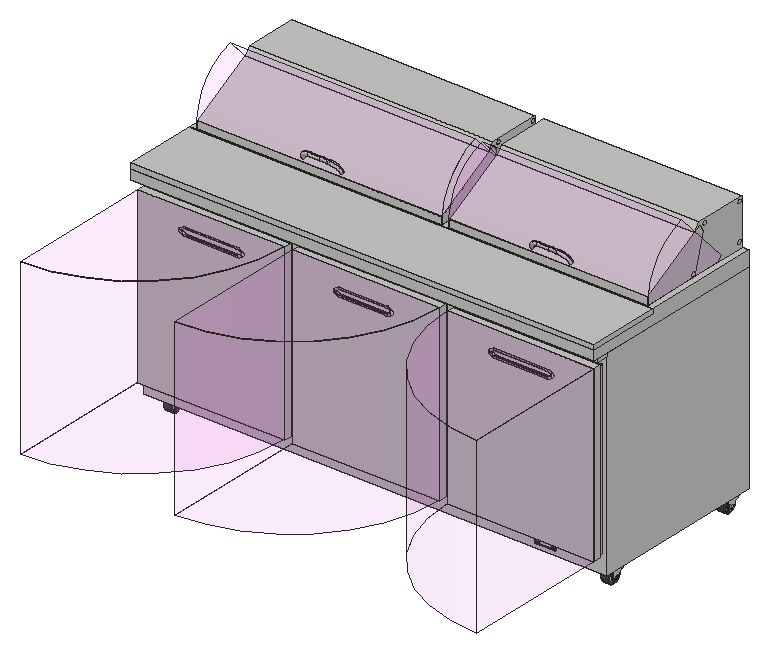
Revit family "QF_Kelvinator_738258_KCHST70.18_3-Door_Sandwich_Salad_Prep_Table_70_Long", category Specialty Equipment, Revit 2021
Family settings
  Round Connector Dimension = Use Diameter
  Part Type = Normal
  Work Plane-Based = No
  Always vertical = Yes
  Cut with Voids When Loaded = No
  Shared = No
  Room Calculation Point = No
Parameters
  Weight in Pounds = 286.601
  Watts = 700 W
  Volts = 115 V
  URL Cutsheet = ""
  Specification by User = ""
  Specification by Manufacturer = ""
  Serial Number = ""
  Seismic Rating = ""
  SMACNA No = ""
  Revision Code = ""
  Refrigerant Type = "R290"
  Phase = 1
  Number of Poles = 1
  NAFEM Spec ID Number = ""
  Model = "738258 (KCHST70.18)"
  Min Ckt Ampacity = 0 A
  Max Overcurrent Protection = 0 A
  Masterspec = ""
  Manufacturer = "Kelvinator Commercial"
  Length = 71.732"
  Item Number = "738258"
  Installed By = ""
  Identify Quantity as Lot = yes
  Height = 43.307"
  HP = "1/3"
  Furnished By = ""
  Foodservice Equipment Identifier = yes
  FL Amps = 4.3 A
  Electrical Remarks = ""
  Electric Connection Type = ""
  Elec Conn RI Height = 0.000"
  Elec Conn Connection Height = 0.000"
  Description = "3-Door Sandwich/Salad Prep Table 70\" Long"
  Depth = 29.921"
  Default Elevation = 0.000"
  Cycle = 60 Hz
  Conn Plug = "5-15P"
  Conn Conduit = yes
  CSI MasterFormat = ""
  Apparent Power = 0 VA
Reference planes (in)
  plane 1 "BACK": y = 0
  plane 2: z = 0
  plane 3 "LEFT": x = 0
  plane 4 "RIGHT": x = 71.732
  plane 5 "FRONT": y = -29.921
  plane 6 "TOP": z = 43.307
  plane 7 "Center Y": x = 35.866
  plane 8 "Center X": y = -14.9605
Dimensions and locks (in)
  equal spacing: plane 3 "LEFT", plane 7 "Center Y", plane 4 "RIGHT"
  "Length": plane 3 "LEFT" to plane 4 "RIGHT"
  equal spacing: plane 5 "FRONT", plane 8 "Center X", plane 1 "BACK"
  "Depth": plane 5 "FRONT" to plane 1 "BACK"
  "Height": plane 6 "TOP" to level
  aligned and locked: level to plane 2
Nested families (in)
  nested 1: "KCHST" at (0, 0, 0), type "KCHST"
    with Show Clearance yes
Connectors (in)
  electrical at (35.857, -0.87772, 2.31881), driven by "Volts", driven by "Watts"
    settings: on nested 1, index 1, voltage 115 V, apparent load 700 VA, apparent load phase1 0 VA, apparent load phase2 0 VA, apparent load phase3 0 VA, power factor 1, load classification "Power", number of poles 1, system type 30, power factor state 1, is connector primary yes, connector utility no, sub classification motor no, connector description "Electrical Connection"
Definition of nested family "KCHST"
  Parameters (values of type "KCHST")
    Weight in Pounds = 0
    URL Cutsheet = ""
    Specification by User = ""
    Specification by Manufacturer = ""
    Show Clearance [instance] = yes
    Serial Number = ""
    Seismic Rating = ""
    SMACNA No = ""
    Revision Code = ""
    NAFEM Spec ID Number = ""
    Masterspec = ""
    Length = 71.732"
    Item Number = ""
    Installed By = ""
    Identify Quantity as Lot = yes
    Height = 43.307"
    Furnished By = ""
    Foodservice Equipment Identifier = yes
    Depth = 29.921"
    Default Elevation = 0.000"
    CSI MasterFormat = ""
  Reference planes (in)
    plane 1 "BACK": y = 0
    plane 2: z = 0
    plane 3 "LEFT": x = 0
    plane 4 "RIGHT": x = 71.732
    plane 5 "FRONT": y = -29.921
    plane 6 "TOP": z = 43.307
    plane 7 "Center Y": x = 35.866
    plane 8 "Center X": y = -14.9605
    plane 9: z = 3.1
    plane 10: z = 33.9
    plane 11: y = -18.5
    plane 12: z = 36.2
    plane 13: y = -55.93472
    plane 14: y = -29.2
    plane 15: z = 32.4
    plane 16: z = 5.6
    plane 17: y = -27.5
    plane 18: x = 69.732
    plane 19: x = 2
    plane 20: x = 59.87895
    plane 21: x = 38.8
    plane 22: x = 1
    plane 23: x = 0.5
    plane 24: x = 71.232
    plane 25: x = 11.87105
    plane 26: x = 35.87895
    plane 27: x = 70.75
    plane 28: x = 40.12
    plane 29: x = 70.68
    plane 30: x = 55.4
    plane 31: x = 40.05
    plane 32: x = 1.07
    plane 33: x = 38.73
    plane 34: x = 0.875
    plane 35: x = 38.925
    plane 36: x = 39.925
    plane 37: x = 70.875
  Forms (in)
    Extrusion 1, solid
      sketch origin (0, 0, 0) x (0, 1, 0) y (0, 0, 1)
        loop
          line (-27.5, 33.9) -> (-27.5, 3.1) -> (0, 3.1) -> (0, 33.9) -> (-27.5, 33.9)
      from 0 to 71.732
    Extrusion 2, solid
      sketch origin (0, 0, 0) x (0, 1, 0) y (0, 0, 1)
        loop
          line (-18.5, 36.2) -> (-18.5, 35.45) -> (-29.921, 35.45) -> (-29.921, 33.9) -> (0, 33.9) -> (0, 36.2) -> (-18.5, 36.2)
      from 0 to 71.732
    Extrusion 3, solid
      sketch origin (0, 0, 0) x (0, 1, 0) y (0, 0, 1)
        loop
          line (-29.921, 36.2) -> (-29.921, 35.45) -> (-18.5, 35.45) -> (-18.5, 36.2) -> (-29.921, 36.2)
      from 0 to 71.732
    Extrusion 4, solid
      sketch origin (0, 0, 0) x (0, 1, 0) y (0, 0, 1)
        loop
          line (-29.2, 33.9) -> (-29.2, 33.4) -> (-27.5, 33.4) -> (-27.5, 33.9) -> (-29.2, 33.9)
      from 0 to 71.732
    Extrusion 5, solid
      sketch origin (-5.72957, -27.5, -4.77927) x (-1, 0, 0) y (0, 0, 1)
        loop
          line (-66.49177, 9.70772) -> (-69.64138, 9.70772) -> (-69.64138, 8.52662) -> (-66.49177, 8.52662) -> (-66.49177, 9.70772)
        loop
          line (-66.57052, 9.63107) -> (-66.96422, 9.63107) -> (-66.96422, 9.31193) -> (-66.57052, 9.31193) -> (-66.57052, 9.63107)
        loop
          line (-66.57052, 9.27674) -> (-66.96422, 9.27674) -> (-66.96422, 8.9576) -> (-66.57052, 8.9576) -> (-66.57052, 9.27674)
        loop
          line (-66.57052, 8.92241) -> (-66.96422, 8.92241) -> (-66.96422, 8.60327) -> (-66.57052, 8.60327) -> (-66.57052, 8.92241)
        loop
          line (-69.56264, 9.63107) -> (-69.56264, 9.31193) -> (-69.16894, 9.31193) -> (-69.16894, 9.63107) -> (-69.56264, 9.63107)
        loop
          line (-69.56264, 9.27674) -> (-69.56264, 8.9576) -> (-69.16894, 8.9576) -> (-69.16894, 9.27674) -> (-69.56264, 9.27674)
        loop
          line (-69.56264, 8.92241) -> (-69.56264, 8.60327) -> (-69.16894, 8.60327) -> (-69.16894, 8.92241) -> (-69.56264, 8.92241)
        loop
          line (-67.0417, 9.63107) -> (-69.09146, 9.63107) -> (-69.09146, 8.60716) -> (-67.0417, 8.60716) -> (-67.0417, 9.63107)
      from 0.07874 to -0.04602
    Extrusion 6, solid
      sketch origin (-5.72957, -27.54602, -4.77927) x (1, 0, 0) y (0, 0, 1)
        loop
          line (69.16894, 9.63107) -> (69.16894, 9.31193) -> (69.56264, 9.31193) -> (69.56264, 9.63107) -> (69.16894, 9.63107)
        loop
          line (69.16894, 9.27674) -> (69.16894, 8.9576) -> (69.56264, 8.9576) -> (69.56264, 9.27674) -> (69.16894, 9.27674)
        loop
          line (69.16894, 8.92241) -> (69.16894, 8.60327) -> (69.56264, 8.60327) -> (69.56264, 8.92241) -> (69.16894, 8.92241)
        loop
          line (66.96422, 9.63107) -> (66.57052, 9.63107) -> (66.57052, 9.31193) -> (66.96422, 9.31193) -> (66.96422, 9.63107)
        loop
          line (66.96422, 9.27674) -> (66.57052, 9.27674) -> (66.57052, 8.9576) -> (66.96422, 8.9576) -> (66.96422, 9.27674)
        loop
          line (66.96422, 8.92241) -> (66.57052, 8.92241) -> (66.57052, 8.60327) -> (66.96422, 8.60327) -> (66.96422, 8.92241)
      from 0 to -0.07874
    Extrusion 7, solid
      sketch origin (-5.72957, -27.54602, -4.77927) x (1, 0, 0) y (0, 0, 1)
        loop
          line (67.0417, 9.63107) -> (67.0417, 8.60716) -> (69.09146, 8.60716) -> (69.09146, 9.63107) -> (67.0417, 9.63107)
      from 0 to -0.07874
    Extrusion 8, void
      sketch origin (-5.72957, -27.5, -4.77927) x (-1, 0, 0) y (0, 0, 1)
        loop
          line (-66.49177, 9.70772) -> (-69.64138, 9.70772) -> (-69.64138, 8.52662) -> (-66.49177, 8.52662) -> (-66.49177, 9.70772)
      from 0 to 0.07874
    Extrusion 9, solid
      sketch origin (-21.40625, -3.56521, 3.1) x (-1, 0, 0) y (0, 1, 0)
        loop
          circle (-57.26325, 2.68749) r 0.25
      from 0 to 0.78119
    Extrusion 10, solid
      sketch origin (35.866, 6.90541, 48) x (0, 1, 0) y (0, 0, -1)
        loop
          line (-36.10541, 15.6) -> (-34.95211, 15.6) -> (-34.95211, 42.4) -> (-36.10541, 42.4) -> (-36.10541, 15.6)
      from -12.625 to -35.366
    Extrusion 11, solid
      sketch origin (48.25, 0, 0) x (0, 1, 0) y (0, 0, -1)
        loop
          line (-28.04671, -32.20449) -> (-27.79671, -32.20449) -> (-27.79671, -5.81322) -> (-28.04671, -5.81322) -> (-28.04671, -32.20449)
      from -22.7579 to -0.5
    Extrusion 12, solid
      sketch origin (48.25, 0.25, 0) x (0, 1, 0) y (0, 0, -1)
        loop
          line (-28.04671, -32.20449) -> (-27.864, -32.20449) -> (-27.864, -5.81322) -> (-28.04671, -5.81322) -> (-28.04671, -32.20449)
      from -22.7579 to -0.5
    Extrusion 13, solid
      sketch origin (48.25, 0.4327, 0) x (0, 1, 0) y (0, 0, -1)
        loop
          line (-28.04671, -32.20449) -> (-27.9327, -32.20449) -> (-27.9327, -5.81322) -> (-28.04671, -5.81322) -> (-28.04671, -32.20449)
      from -22.7579 to -0.5
    Extrusion 14, void
      sketch origin (85.65318, -29.19996, 31.5181) x (0, 0, 1) y (1, 0, 0)
        loop
          line (-1.94791, -21.59923) -> (-2.28462, -21.06051)
          arc (-2.28462, -21.06051) -> (-2.38541, -21.00464) -> (-2.48621, -21.06051) r 0.11887
          line (-2.48621, -21.06051) -> (-2.82291, -21.59923) -> (-2.82291, -29.94923) -> (-2.48479, -30.49023)
          arc (-2.48479, -30.49023) -> (-2.38541, -30.54531) -> (-2.28604, -30.49023) r 0.11719
          line (-2.28604, -30.49023) -> (-1.94791, -29.94923) -> (-1.94791, -21.59923)
      from 0 to 0.31887
    Sweep 15, solid
      path origin (85.65318, -26.39996, 31.5181) x (0, 0, -1) y (1, 0, 0)
        loop
          line (2.82291, -29.94923) -> (2.82291, -21.59923) -> (2.48621, -21.06051)
          arc (2.48621, -21.06051) -> (2.38541, -21.00464) -> (2.28462, -21.06051) r 0.11887
          line (2.28462, -21.06051) -> (1.94791, -21.59923) -> (1.94791, -29.94923) -> (2.28604, -30.49023)
          arc (2.28604, -30.49023) -> (2.38541, -30.54531) -> (2.48479, -30.49023) r 0.11719
          line (2.48479, -30.49023) -> (2.82291, -29.94923)
      profile origin (59.87895, -26.39996, 28.69519) x (0, 0, 1) y (0, -1, 0)
        loop
          arc (0, 2.8) -> (-0.125, 2.85269) -> (-0.25, 2.8) r 0.17461
          line (-0.25, 2.8) -> (0, 2.8)
    Extrusion 16, solid
      sketch origin (35.866, 6.90541, 48) x (0, 1, 0) y (0, 0, 1)
        loop
          line (-36.10541, -15.6) -> (-36.10541, -42.4) -> (-34.95211, -42.4) -> (-34.95211, -15.6) -> (-36.10541, -15.6)
      from -12.625 to -35.375
    Extrusion 17, solid
      sketch origin (23.5, 0, 0) x (0, 1, 0) y (0, 0, 1)
        loop
          line (-28.04671, 32.20449) -> (-28.04671, 5.81322) -> (-27.79671, 5.81322) -> (-27.79671, 32.20449) -> (-28.04671, 32.20449)
      from -22.7579 to -0.5
    Extrusion 18, solid
      sketch origin (23.5, 0.25, 0) x (0, 1, 0) y (0, 0, 1)
        loop
          line (-28.04671, 32.20449) -> (-28.04671, 5.81322) -> (-27.864, 5.81322) -> (-27.864, 32.20449) -> (-28.04671, 32.20449)
      from -22.7579 to -0.5
    Extrusion 19, solid
      sketch origin (23.5, 0.4327, 0) x (0, 1, 0) y (0, 0, 1)
        loop
          line (-28.04671, 32.20449) -> (-28.04671, 5.81322) -> (-27.9327, 5.81322) -> (-27.9327, 32.20449) -> (-28.04671, 32.20449)
      from -22.7579 to -0.5
    Extrusion 20, void
      sketch origin (-13.90318, -29.19996, 31.5181) x (0, 0, 1) y (1, 0, 0)
        loop
          line (-1.94791, 21.59923) -> (-1.94791, 29.94923) -> (-2.28604, 30.49023)
          arc (-2.28604, 30.49023) -> (-2.38541, 30.54531) -> (-2.48479, 30.49023) r 0.11719
          line (-2.48479, 30.49023) -> (-2.82291, 29.94923) -> (-2.82291, 21.59923) -> (-2.48621, 21.06051)
          arc (-2.48621, 21.06051) -> (-2.38541, 21.00464) -> (-2.28462, 21.06051) r 0.11887
          line (-2.28462, 21.06051) -> (-1.94791, 21.59923)
      from 0 to 0.31887
    Sweep 21, solid
      path origin (-13.90318, -26.39996, 31.5181) x (0, 0, -1) y (1, 0, 0)
        loop
          line (2.82291, 29.94923) -> (2.48479, 30.49023)
          arc (2.48479, 30.49023) -> (2.38541, 30.54531) -> (2.28604, 30.49023) r 0.11719
          line (2.28604, 30.49023) -> (1.94791, 29.94923) -> (1.94791, 21.59923) -> (2.28462, 21.06051)
          arc (2.28462, 21.06051) -> (2.38541, 21.00464) -> (2.48621, 21.06051) r 0.11887
          line (2.48621, 21.06051) -> (2.82291, 21.59923) -> (2.82291, 29.94923)
      profile origin (11.87105, -26.39996, 28.69519) x (0, 0, -1) y (0, -1, 0)
        loop
          line (0, 2.8) -> (0.25, 2.8)
          arc (0.25, 2.8) -> (0.125, 2.85269) -> (0, 2.8) r 0.17461
    Extrusion 22, solid
      sketch origin (11.875, 6.90541, 48) x (0, 1, 0) y (0, 0, -1)
        loop
          line (-36.10541, 15.6) -> (-34.95211, 15.6) -> (-34.95211, 42.4) -> (-36.10541, 42.4) -> (-36.10541, 15.6)
      from -12.625 to -35.375
    Extrusion 23, solid
      sketch origin (24.25, 0, 0) x (0, 1, 0) y (0, 0, -1)
        loop
          line (-28.04671, -32.20449) -> (-27.79671, -32.20449) -> (-27.79671, -5.81322) -> (-28.04671, -5.81322) -> (-28.04671, -32.20449)
      from -22.7579 to -0.5
    Extrusion 24, solid
      sketch origin (24.25, 0.25, 0) x (0, 1, 0) y (0, 0, -1)
        loop
          line (-28.04671, -32.20449) -> (-27.864, -32.20449) -> (-27.864, -5.81322) -> (-28.04671, -5.81322) -> (-28.04671, -32.20449)
      from -22.7579 to -0.5
    Extrusion 25, solid
      sketch origin (24.25, 0.4327, 0) x (0, 1, 0) y (0, 0, -1)
        loop
          line (-28.04671, -32.20449) -> (-27.9327, -32.20449) -> (-27.9327, -5.81322) -> (-28.04671, -5.81322) -> (-28.04671, -32.20449)
      from -22.7579 to -0.5
    Extrusion 26, void
      sketch origin (61.65318, -29.19996, 31.5181) x (0, 0, 1) y (1, 0, 0)
        loop
          line (-1.94791, -22.47423) -> (-2.28462, -21.93551)
          arc (-2.28462, -21.93551) -> (-2.38541, -21.87964) -> (-2.48621, -21.93551) r 0.11887
          line (-2.48621, -21.93551) -> (-2.82291, -22.47423) -> (-2.82291, -29.95823) -> (-2.48479, -30.49923)
          arc (-2.48479, -30.49923) -> (-2.38541, -30.55431) -> (-2.28604, -30.49923) r 0.11719
          line (-2.28604, -30.49923) -> (-1.94791, -29.95823) -> (-1.94791, -22.47423)
      from 0 to 0.31887
    Sweep 27, solid
      path origin (61.65318, -26.39996, 31.5181) x (0, 0, -1) y (1, 0, 0)
        loop
          line (2.82291, -29.95823) -> (2.82291, -22.47423) -> (2.48621, -21.93551)
          arc (2.48621, -21.93551) -> (2.38541, -21.87964) -> (2.28462, -21.93551) r 0.11887
          line (2.28462, -21.93551) -> (1.94791, -22.47423) -> (1.94791, -29.95823) -> (2.28604, -30.49923)
          arc (2.28604, -30.49923) -> (2.38541, -30.55431) -> (2.48479, -30.49923) r 0.11719
          line (2.48479, -30.49923) -> (2.82291, -29.95823)
      profile origin (35.43695, -26.39996, 28.69519) x (0, 0, 1) y (0, -1, 0)
        loop
          arc (0, 2.8) -> (-0.125, 2.85269) -> (-0.25, 2.8) r 0.17461
          line (-0.25, 2.8) -> (0, 2.8)
    Extrusion 28, solid
      sketch origin (31.075, 0, 0) x (0, 1, 0) y (0, 0, 1)
        loop
          line (-18.25, 36.2) -> (-9.64835, 36.2003)
          arc (-9.64835, 36.2003) -> (-9.30801, 36.30019) -> (-9.06407, 36.55768) r 0.68096
          line (-9.06407, 36.55768) -> (-7.6646, 41.90007) -> (-8.09711, 42.7135) -> (-18.25, 37.31511) -> (-18.25, 36.2)
      from 8.975 to 39.675
    Extrusion 29, solid
      sketch origin (31.075, 0, 0) x (0, 1, 0) y (0, 0, 1)
        loop
          line (-9.64834, 36.2) -> (0, 36.2) -> (0, 43.307) -> (-8.24175, 43.307) -> (-8.9896, 42.23895) -> (-8.09711, 42.7135) -> (-7.6646, 41.90007) -> (-9.06407, 36.55768)
          arc (-9.06407, 36.55768) -> (-9.30801, 36.30019) -> (-9.64834, 36.2) r 0.68096
      from 9.045 to 39.605
    Extrusion 30, solid
      sketch origin (70.75, 0, 0) x (0, 1, 0) y (0, 0, 1)
        loop
          circle (-9.51178, 36.72547) r 0.25
      from 0 to 0.07437
    Extrusion 31, solid
      sketch origin (70.68, 0, 0) x (0, 1, 0) y (0, 0, 1)
        loop
          circle (-0.51178, 37.22547) r 0.25
      from 0 to 0.07
    Extrusion 32, solid
      sketch origin (70.68, 0, 0) x (0, 1, 0) y (0, 0, 1)
        loop
          circle (-0.51178, 42.84497) r 0.25
      from 0 to 0.07
    Extrusion 33, solid
      sketch origin (70.68, 0, 0) x (0, 1, 0) y (0, 0, 1)
        loop
          circle (-7.26178, 42.84497) r 0.25
      from 0 to 0.07
    Extrusion 34, solid
      sketch origin (40.05, 0, 0) x (0, -1, 0) y (0, 0, 1)
        loop
          circle (9.51178, 36.72547) r 0.25
      from 0 to 0.07437
    Extrusion 35, solid
      sketch origin (40.12, 0, 0) x (0, -1, 0) y (0, 0, 1)
        loop
          circle (0.5466, 37.22547) r 0.25
      from 0 to 0.07
    Extrusion 36, solid
      sketch origin (40.12, 0, 0) x (0, -1, 0) y (0, 0, 1)
        loop
          circle (0.5466, 42.84497) r 0.25
      from 0 to 0.07
    Extrusion 37, solid
      sketch origin (40.12, 0, 0) x (0, -1, 0) y (0, 0, 1)
        loop
          circle (7.2966, 42.84497) r 0.25
      from 0 to 0.07
    Sweep 38, solid
      path origin (15.975, 15.38088, 12.95025) x (1, 0, 0) y (0, -0.469472, 0.882948)
        loop
          line (37.1125, 37.02813) -> (37.1125, 37.18438)
          arc (37.1125, 37.18438) -> (37.33217, 37.71471) -> (37.8625, 37.93438) r 0.75
          line (37.8625, 37.93438) -> (39.7375, 37.93438) -> (40.9875, 37.93438)
          arc (40.9875, 37.93438) -> (41.51783, 37.71471) -> (41.7375, 37.18438) r 0.75
          line (41.7375, 37.18438) -> (41.7375, 37.02813)
      profile origin (56.3375, -2.42823, 46.44432) x (0, -0.469472, 0.882948) y (0, -0.882948, -0.469472)
        loop
          circle (0.69146, 17.59878) r 0.25
    Extrusion 39, solid
      sketch origin (-0.875, 0, 0) x (0, 1, 0) y (0, 0, 1)
        loop
          line (-18.25, 36.2) -> (-9.64835, 36.2003)
          arc (-9.64835, 36.2003) -> (-9.30801, 36.30019) -> (-9.06407, 36.55768) r 0.68096
          line (-9.06407, 36.55768) -> (-7.6646, 41.90007) -> (-8.09711, 42.7135) -> (-18.25, 37.31511) -> (-18.25, 36.2)
      from 1.875 to 39.675
    Extrusion 40, solid
      sketch origin (-0.875, 0, 0) x (0, 1, 0) y (0, 0, 1)
        loop
          line (-9.64834, 36.2) -> (0, 36.2) -> (0, 43.307) -> (-8.24175, 43.307) -> (-8.9896, 42.23895) -> (-8.09711, 42.7135) -> (-7.6646, 41.90007) -> (-9.06407, 36.55768)
          arc (-9.06407, 36.55768) -> (-9.30801, 36.30019) -> (-9.64834, 36.2) r 0.68096
      from 1.945 to 39.605
    Extrusion 41, solid
      sketch origin (38.8, 0, 0) x (0, 1, 0) y (0, 0, 1)
        loop
          circle (-9.51178, 36.72547) r 0.25
      from 0 to 0.07437
    Extrusion 42, solid
      sketch origin (38.73, 0, 0) x (0, 1, 0) y (0, 0, 1)
        loop
          circle (-0.51178, 37.22547) r 0.25
      from 0 to 0.07
    Extrusion 43, solid
      sketch origin (38.73, 0, 0) x (0, 1, 0) y (0, 0, 1)
        loop
          circle (-0.51178, 42.84497) r 0.25
      from 0 to 0.07
    Extrusion 44, solid
      sketch origin (38.73, 0, 0) x (0, 1, 0) y (0, 0, 1)
        loop
          circle (-7.26178, 42.84497) r 0.25
      from 0 to 0.07
    Extrusion 45, solid
      sketch origin (1, 0, 0) x (0, -1, 0) y (0, 0, 1)
        loop
          circle (9.51178, 36.72547) r 0.25
      from 0 to 0.07437
    Extrusion 46, solid
      sketch origin (1.07, 0, 0) x (0, -1, 0) y (0, 0, 1)
        loop
          circle (0.5466, 37.22547) r 0.25
      from 0 to 0.07
    Extrusion 47, solid
      sketch origin (1.07, 0, 0) x (0, -1, 0) y (0, 0, 1)
        loop
          circle (0.5466, 42.84497) r 0.25
      from 0 to 0.07
    Extrusion 48, solid
      sketch origin (1.07, 0, 0) x (0, -1, 0) y (0, 0, 1)
        loop
          circle (7.2966, 42.84497) r 0.25
      from 0 to 0.07
    Sweep 49, solid
      path origin (-15.975, 15.38088, 12.95025) x (1, 0, 0) y (0, -0.469472, 0.882948)
        loop
          line (33.5625, 37.02813) -> (33.5625, 37.18438)
          arc (33.5625, 37.18438) -> (33.78217, 37.71471) -> (34.3125, 37.93438) r 0.75
          line (34.3125, 37.93438) -> (36.1875, 37.93438) -> (37.4375, 37.93438)
          arc (37.4375, 37.93438) -> (37.96783, 37.71471) -> (38.1875, 37.18438) r 0.75
          line (38.1875, 37.18438) -> (38.1875, 37.02813)
      profile origin (20.8375, -2.42823, 46.44432) x (0, -0.469472, 0.882948) y (0, -0.882948, -0.469472)
        loop
          circle (0.69146, 17.59878) r 0.25
    Extrusion 50, solid
      sketch origin (1, 0, 0) x (0, 1, 0) y (0, 0, -1)
        loop
          circle (-9.50353, -36.72547) r 0.25
      from 0 to 0.07437
    Extrusion 51, solid
      sketch origin (1.07, 0, 0) x (0, 1, 0) y (0, 0, -1)
        loop
          circle (-0.51178, -37.22547) r 0.25
      from 0 to 0.07
    Extrusion 52, solid
      sketch origin (1.07, 0, 0) x (0, 1, 0) y (0, 0, -1)
        loop
          circle (-0.51178, -42.84497) r 0.25
      from 0 to 0.07
    Extrusion 53, solid
      sketch origin (1.07, 0, 0) x (0, 1, 0) y (0, 0, -1)
        loop
          circle (-7.26178, -42.84497) r 0.25
      from 0 to 0.07
    Extrusion 54, solid, visible <- "Show Clearance"
      sketch origin (0, 9.61225, 5.6) x (1, 0, 0) y (0, -1, 0)
        loop
          arc (23.25, 38.81225) -> (16.58668, 54.89893) -> (0.5, 61.56225) r 22.75
          line (0.5, 61.56225) -> (0.5, 38.81225) -> (23.25, 38.81225)
        loop
          line (48.5079, 38.81225) -> (71.2399, 38.81225) -> (71.2399, 61.54425)
          arc (71.2399, 61.54425) -> (55.16595, 54.8862) -> (48.5079, 38.81225) r 22.732
        loop
          arc (47.25, 38.81225) -> (40.58668, 54.89893) -> (24.5, 61.56225) r 22.75
          line (24.5, 61.56225) -> (24.5, 38.81225) -> (47.25, 38.81225)
      from 0 to -26.8
    Extrusion 55, solid, visible <- "Show Clearance"
      sketch origin (1, 0, 0) x (0, -1, 0) y (0, 0, 1)
        loop
          line (4.77428, 36.2) -> (18.25, 36.2) -> (18.25, 37.31511)
          arc (18.25, 37.31511) -> (16.2542, 42.3087) -> (11.71985, 45.19986) r 8.77367
          line (11.71985, 45.19986) -> (4.04293, 36.87437) -> (4.77428, 36.2)
      from 0.125 to -37.925
    Extrusion 56, solid, visible <- "Show Clearance"
      sketch origin (40.05, 0, 0) x (0, -1, 0) y (0, 0, 1)
        loop
          line (4.77428, 36.2) -> (18.25, 36.2) -> (18.25, 37.31511)
          arc (18.25, 37.31511) -> (16.2542, 42.3087) -> (11.71985, 45.19986) r 8.77367
          line (11.71985, 45.19986) -> (4.04293, 36.87437) -> (4.77428, 36.2)
      from 0.125 to -30.825
  Cuts and joins
    Extrusion 8 cuts Extrusion 5
    Extrusion 14, Extrusion 20, Extrusion 26 cuts Extrusion 10
    Extrusion 20 cuts Extrusion 16
    Extrusion 26 cuts Extrusion 22
    joined: Extrusion 28, Sweep 38
  Lines and regions (in)
    symbolic lines
      curve 1: line (71.75, -29.9375, 0) -> (71.75, 0, 0)
      curve 2: line (71.75, 0, 0) -> (0, 0, 0)
      curve 3: line (0, 0, 0) -> (0, -29.9375, 0)
      curve 4: line (0, -18.5, 0) -> (17.81957, -18.5, 0)
      curve 5: line (0, -29.9375, 0) -> (71.75, -29.9375, 0)
      curve 6: line (0, -18.25, 0) -> (17.0896, -18.25, 0)
      curve 7: line (1.07, -8.99785, 0) -> (38.73, -8.99785, 0)
      curve 8: line (1.07, -8.25, 0) -> (38.73, -8.25, 0)
      curve 9: line (38.73, -8.99785, 0) -> (38.73, 0, 0)
      curve 10: line (38.8, -9.26178, 0) -> (38.87437, -9.26178, 0)
      curve 11: line (38.8, -9.76178, 0) -> (38.87437, -9.76178, 0)
      curve 12: line (38.8, -7.67285, 0) -> (38.73, -7.67285, 0)
      curve 13: line (38.8, -8.10536, 0) -> (38.73, -8.10536, 0)
      curve 14: line (38.8, -7.51178, 0) -> (38.73, -7.51178, 0)
      curve 15: line (38.8, -7.01178, 0) -> (38.73, -7.01178, 0)
      curve 16: line (38.8, -0.76178, 0) -> (38.73, -0.76178, 0)
      curve 17: line (38.8, -0.26178, 0) -> (38.73, -0.26178, 0)
      curve 18: spline (16.65229, -17.62226, 0) -> (16.66081, -17.56513, 0) -> (16.68578, -17.51189, 0) -> (16.72551, -17.46617, 0) -> (16.77729, -17.43109, 0) -> (16.83759, -17.40904, 0) -> (16.90229, -17.40152, 0) -> (16.967, -17.40904, 0) -> (17.02729, -17.43109, 0) -> (17.07907, -17.46617, 0) -> (17.1188, -17.51189, 0) -> (17.14377, -17.56513, 0) -> (17.15229, -17.62226, 0)
      curve 19: spline (22.66021, -17.62226, 0) -> (22.66873, -17.56513, 0) -> (22.6937, -17.51189, 0) -> (22.73343, -17.46617, 0) -> (22.78521, -17.43109, 0) -> (22.8455, -17.40904, 0) -> (22.91021, -17.40152, 0) -> (22.97491, -17.40904, 0) -> (23.03521, -17.43109, 0) -> (23.08699, -17.46617, 0) -> (23.12672, -17.51189, 0) -> (23.15169, -17.56513, 0) -> (23.16021, -17.62226, 0)
      curve 20: line (19.90625, -18.0415, 0) -> (21.5246, -18.0415, 0)
      curve 21: line (19.90625, -18.53489, 0) -> (21.65625, -18.53489, 0)
      curve 22: line (23.16021, -17.62226, 0) -> (23.16021, -17.65335, 0)
      curve 23: line (22.66021, -17.62226, 0) -> (22.66021, -17.65335, 0)
      curve 24: arc (22.66021, -17.65335, 0) -> (22.42671, -17.84879, 0) -> (22.14071, -17.95329, 0) r 0.88295
      curve 25: arc (23.16021, -17.65335, 0) -> (23.10291, -17.868, 0) -> (22.97532, -18.04986, 0) r 0.63628
      curve 26: arc (22.14071, -17.95329, 0) -> (21.83579, -18.01934, 0) -> (21.5246, -18.0415, 0) r 2.19561
      curve 27: arc (22.97532, -18.04986, 0) -> (22.72439, -18.24907, 0) -> (22.43535, -18.38727, 0) r 1.4269
      curve 28: arc (22.43535, -18.38727, 0) -> (22.05121, -18.48961, 0) -> (21.65625, -18.53489, 0) r 2.72085
      curve 29: line (19.90625, -18.0415, 0) -> (18.2879, -18.0415, 0)
      curve 30: line (19.90625, -18.53489, 0) -> (18.15625, -18.53489, 0)
      curve 31: line (16.65229, -17.62226, 0) -> (16.65229, -17.65335, 0)
      curve 32: line (17.15229, -17.62226, 0) -> (17.15229, -17.65335, 0)
      curve 33: arc (17.15229, -17.65335, 0) -> (17.38579, -17.84879, 0) -> (17.67179, -17.95329, 0) r 0.88295
      curve 34: arc (16.65229, -17.65335, 0) -> (16.70959, -17.868, 0) -> (16.83718, -18.04986, 0) r 0.63628
      curve 35: arc (17.67179, -17.95329, 0) -> (17.97671, -18.01934, 0) -> (18.2879, -18.0415, 0) r 2.19561
      curve 36: arc (16.83718, -18.04986, 0) -> (17.08811, -18.24907, 0) -> (17.37715, -18.38727, 0) r 1.4269
      curve 37: arc (17.37715, -18.38727, 0) -> (17.76129, -18.48961, 0) -> (18.15625, -18.53489, 0) r 2.72085
      curve 38: line (22.7229, -18.25, 0) -> (52.58335, -18.25, 0)
      curve 39: line (21.99293, -18.5, 0) -> (53.31332, -18.5, 0)
      curve 40: line (38.8, -7.01178, 0) -> (38.8, -7.51178, 0)
      curve 41: line (38.8, -7.67285, 0) -> (38.8, -18.25, 0)
      curve 42: line (38.87437, -9.26178, 0) -> (38.87437, -9.76178, 0)
      curve 43: line (38.8, -0.76178, 0) -> (38.8, -0.26178, 0)
      curve 44: line (1.07, -8.99785, 0) -> (1.07, 0, 0)
      curve 45: line (1, -9.26178, 0) -> (0.92563, -9.26178, 0)
      curve 46: line (1, -9.76178, 0) -> (0.92563, -9.76178, 0)
      curve 47: line (1, -7.67285, 0) -> (1.07, -7.67285, 0)
      curve 48: line (1, -8.10536, 0) -> (1.07, -8.10536, 0)
      curve 49: line (1, -7.5466, 0) -> (1.07, -7.5466, 0)
      curve 50: line (1, -7.01178, 0) -> (1.07, -7.01178, 0)
      curve 51: line (1, -0.7966, 0) -> (1.07, -0.7966, 0)
      curve 52: line (1, -0.26178, 0) -> (1.07, -0.26178, 0)
      curve 53: line (1, -7.0466, 0) -> (1, -7.5466, 0)
      curve 54: line (1, -7.67285, 0) -> (1, -18.25, 0)
      curve 55: line (0.92563, -9.26178, 0) -> (0.92563, -9.76178, 0)
      curve 56: line (1, -0.76178, 0) -> (1, -0.26178, 0)
      curve 57: spline (52.14604, -17.62226, 0) -> (52.15456, -17.56513, 0) -> (52.17953, -17.51189, 0) -> (52.21926, -17.46617, 0) -> (52.27104, -17.43109, 0) -> (52.33134, -17.40904, 0) -> (52.39604, -17.40152, 0) -> (52.46075, -17.40904, 0) -> (52.52104, -17.43109, 0) -> (52.57282, -17.46617, 0) -> (52.61255, -17.51189, 0) -> (52.63752, -17.56513, 0) -> (52.64604, -17.62226, 0)
      curve 58: spline (58.15396, -17.62226, 0) -> (58.16248, -17.56513, 0) -> (58.18745, -17.51189, 0) -> (58.22718, -17.46617, 0) -> (58.27896, -17.43109, 0) -> (58.33925, -17.40904, 0) -> (58.40396, -17.40152, 0) -> (58.46866, -17.40904, 0) -> (58.52896, -17.43109, 0) -> (58.58074, -17.46617, 0) -> (58.62047, -17.51189, 0) -> (58.64544, -17.56513, 0) -> (58.65396, -17.62226, 0)
      curve 59: line (55.4, -18.0415, 0) -> (57.01835, -18.0415, 0)
      curve 60: line (55.4, -18.53489, 0) -> (57.15, -18.53489, 0)
      curve 61: line (58.65396, -17.62226, 0) -> (58.65396, -17.65335, 0)
      curve 62: line (58.15396, -17.62226, 0) -> (58.15396, -17.65335, 0)
      curve 63: arc (58.15396, -17.65335, 0) -> (57.92046, -17.84879, 0) -> (57.63446, -17.95329, 0) r 0.88295
      curve 64: arc (58.65396, -17.65335, 0) -> (58.59666, -17.868, 0) -> (58.46907, -18.04986, 0) r 0.63628
      curve 65: arc (57.63446, -17.95329, 0) -> (57.32954, -18.01934, 0) -> (57.01835, -18.0415, 0) r 2.19561
      curve 66: arc (58.46907, -18.04986, 0) -> (58.21814, -18.24907, 0) -> (57.9291, -18.38727, 0) r 1.4269
      curve 67: arc (57.9291, -18.38727, 0) -> (57.54496, -18.48961, 0) -> (57.15, -18.53489, 0) r 2.72085
      curve 68: line (55.4, -18.0415, 0) -> (53.78165, -18.0415, 0)
      curve 69: line (55.4, -18.53489, 0) -> (53.65, -18.53489, 0)
      curve 70: line (52.14604, -17.62226, 0) -> (52.14604, -17.65335, 0)
      curve 71: line (52.64604, -17.62226, 0) -> (52.64604, -17.65335, 0)
      curve 72: arc (52.64604, -17.65335, 0) -> (52.87954, -17.84879, 0) -> (53.16554, -17.95329, 0) r 0.88295
      curve 73: arc (52.14604, -17.65335, 0) -> (52.20334, -17.868, 0) -> (52.33093, -18.04986, 0) r 0.63628
      curve 74: arc (53.16554, -17.95329, 0) -> (53.47046, -18.01934, 0) -> (53.78165, -18.0415, 0) r 2.19561
      curve 75: arc (52.33093, -18.04986, 0) -> (52.58186, -18.24907, 0) -> (52.8709, -18.38727, 0) r 1.4269
      curve 76: arc (52.8709, -18.38727, 0) -> (53.25504, -18.48961, 0) -> (53.65, -18.53489, 0) r 2.72085
      curve 77: line (40.12, -8.99785, 0) -> (70.68, -8.99785, 0)
      curve 78: line (40.12, -8.25, 0) -> (70.68, -8.25, 0)
      curve 79: line (70.68, -8.99785, 0) -> (70.68, 0, 0)
      curve 80: line (70.75, -9.26178, 0) -> (70.82437, -9.26178, 0)
      curve 81: line (70.75, -9.76178, 0) -> (70.82437, -9.76178, 0)
      curve 82: line (70.75, -7.67285, 0) -> (70.68, -7.67285, 0)
      curve 83: line (70.75, -8.10536, 0) -> (70.68, -8.10536, 0)
      curve 84: line (70.75, -7.51178, 0) -> (70.68, -7.51178, 0)
      curve 85: line (70.75, -7.01178, 0) -> (70.68, -7.01178, 0)
      curve 86: line (70.75, -0.76178, 0) -> (70.68, -0.76178, 0)
      curve 87: line (70.75, -0.26178, 0) -> (70.68, -0.26178, 0)
      curve 88: line (70.75, -7.01178, 0) -> (70.75, -7.51178, 0)
      curve 89: line (70.75, -7.67285, 0) -> (70.75, -18.25, 0)
      curve 90: line (70.82437, -9.26178, 0) -> (70.82437, -9.76178, 0)
      curve 91: line (70.75, -0.76178, 0) -> (70.75, -0.26178, 0)
      curve 92: line (40.12, -8.99785, 0) -> (40.12, 0, 0)
      curve 93: line (40.05, -9.26178, 0) -> (39.97563, -9.26178, 0)
      curve 94: line (40.05, -9.76178, 0) -> (39.97563, -9.76178, 0)
      curve 95: line (40.05, -7.67285, 0) -> (40.12, -7.67285, 0)
      curve 96: line (40.05, -8.10536, 0) -> (40.12, -8.10536, 0)
      curve 97: line (40.05, -7.5466, 0) -> (40.12, -7.5466, 0)
      curve 98: line (40.05, -7.0466, 0) -> (40.12, -7.0466, 0)
      curve 99: line (40.05, -0.7966, 0) -> (40.12, -0.7966, 0)
      curve 100: line (40.05, -0.2966, 0) -> (40.12, -0.2966, 0)
      curve 101: line (40.05, -7.0466, 0) -> (40.05, -7.5466, 0)
      curve 102: line (40.05, -7.67285, 0) -> (40.05, -18.25, 0)
      curve 103: line (39.97563, -9.26178, 0) -> (39.97563, -9.76178, 0)
      curve 104: line (40.05, -0.76178, 0) -> (40.05, -0.2966, 0)
      curve 105: line (58.21665, -18.25, 0) -> (71.75, -18.25, 0)
      curve 106: line (57.48668, -18.5, 0) -> (71.75, -18.5, 0)
    symbolic lines, visible <- "Show Clearance"
      curve 107: arc (23.23804, -29.9375, 0) -> (22.28667, -35.75009, 0) -> (19.87497, -41.12364, 0) r 22.75
      curve 108: arc (47.23804, -29.9375, 0) -> (46.28667, -35.75009, 0) -> (43.87497, -41.12364, 0) r 22.75
      curve 109: arc (51.88293, -41.12364, 0) -> (49.47123, -35.75009, 0) -> (48.51986, -29.9375, 0) r 22.75
      curve 110: line (0.5, -29.9375, 0) -> (19.87497, -41.12364, 0)
      curve 111: line (71.2579, -29.9375, 0) -> (51.88293, -41.12364, 0)
      curve 112: line (24.5, -29.9375, 0) -> (43.87497, -41.12364, 0)
  Dimensions and locks (in)
    equal spacing: plane 3 "LEFT", plane 7 "Center Y", plane 4 "RIGHT"
    "Length": plane 3 "LEFT" to plane 4 "RIGHT"
    equal spacing: plane 5 "FRONT", plane 8 "Center X", plane 1 "BACK"
    "Depth": plane 5 "FRONT" to plane 1 "BACK"
    "Height": plane 6 "TOP" to level
    level to plane 9 = 3.100"
    plane 10 to plane 9 = 30.800"
    plane 6 "TOP" to plane 10 = 9.407"
    plane 5 "FRONT" to plane 1 "BACK" = 29.921"
    plane 11 to plane 1 "BACK" = 18.500"
    plane 10 to plane 12 = 2.300"
    plane 13 to plane 1 "BACK" = 55.93472"
    plane 16 to plane 15 = 26.800"
    locked: plane 4 "RIGHT" to plane 18 at 2
    locked: plane 3 "LEFT" to plane 19 at 2
    locked: plane 23 to plane 3 "LEFT" at 0.5
    locked: plane 24 to plane 4 "RIGHT" at 0.5
    plane 3 "LEFT" to plane 4 "RIGHT" = 71.732"
    plane 27 to plane 31 = 30.700"
    plane 22 to plane 21 = 37.800"
    plane 22 to plane 34 = 0.125"
    Extrusion 56 to plane 36 = 0.000"
    aligned and locked: level to plane 2
    aligned and locked: plane 18 to nested 3
    aligned and locked: plane 18 to nested 1
    aligned and locked: nested 4 to plane 19
    aligned and locked: nested 2 to plane 19
    aligned and locked: Extrusion 1 to plane 4 "RIGHT"
    aligned and locked: Extrusion 2 to plane 4 "RIGHT"
    aligned and locked: Extrusion 4 to plane 4 "RIGHT"
    aligned and locked: Extrusion 3 to plane 4 "RIGHT"
    aligned and locked: cut or joined group of Extrusion 10, Extrusion 14, Extrusion 20, Extrusion 26 to plane 24
    aligned and locked: plane 24 to cut or joined group of Extrusion 10, Extrusion 14, Extrusion 20, Extrusion 26
    aligned and locked: plane 28 to Extrusion 29
    aligned and locked: Extrusion 29 to plane 29
    aligned and locked: plane 32 to Extrusion 40
    aligned and locked: Extrusion 40 to plane 33
  Automatic sketch dimensions
    plane 9 to Extrusion 1 sketch curve = 0.000"
    Extrusion 1 sketch curve to plane 17 = 0.000"
    Extrusion 1 sketch curve to plane 1 "BACK" = 0.000"
    Extrusion 1 sketch curve to plane 10 = 0.000"
    Extrusion 2 sketch curve to plane 5 "FRONT" = 0.000"
    Extrusion 2 sketch curve to plane 11 = 0.000"
    Extrusion 2 sketch curve to plane 1 "BACK" = 0.000"
    Extrusion 2 sketch curve to plane 10 = 0.000"
    plane 12 to Extrusion 2 sketch curve = 0.000"
    plane 12 to Extrusion 2 sketch curve = 0.750"
    Extrusion 3 sketch curve to plane 5 "FRONT" = 0.000"
    Extrusion 3 sketch curve to plane 11 = 0.000"
    plane 12 to Extrusion 3 sketch curve = 0.000"
    plane 12 to Extrusion 3 sketch curve = 0.750"
    Extrusion 4 sketch curve to plane 10 = 0.000"
    Extrusion 4 sketch curve to plane 14 = 0.000"
    Extrusion 4 sketch curve to plane 17 = 0.000"
    Extrusion 4 sketch curve to Extrusion 4 sketch curve = 0.500"
    plane 16 to Extrusion 5 sketch curve = 0.67154"
    Extrusion 5 sketch curve to plane 20 = 4.03286"
    Extrusion 5 sketch curve to Extrusion 5 sketch curve = 0.07874"  (x3)
    Extrusion 5 sketch curve to Extrusion 5 sketch curve = 0.000"  (x8)
    Extrusion 5 sketch curve to Extrusion 5 sketch curve = 0.3937"  (x2)
    Extrusion 5 sketch curve to Extrusion 5 sketch curve = 0.07748"  (x3)
    Extrusion 5 sketch curve to plane 20 = 1.43318"
    Extrusion 5 sketch curve to Extrusion 5 sketch curve = 0.07665"  (x2)
    Extrusion 5 sketch curve to Extrusion 5 sketch curve = 0.31914"  (x6)
    Extrusion 5 sketch curve to Extrusion 5 sketch curve = 0.03519"  (x4)
    Extrusion 5 sketch curve to Extrusion 5 sketch curve = 0.31525"
    Extrusion 5 to Extrusion 6 sketch curve = 0.000"  (x10)
    Extrusion 6 sketch curve to Extrusion 5 = 0.000"  (x14)
    Extrusion 7 sketch curve to Extrusion 5 = 0.000"  (x3)
    Extrusion 5 to Extrusion 7 sketch curve = 0.000"
    plane 16 to Extrusion 8 sketch curve = 0.67154"
    Extrusion 8 sketch curve to plane 20 = 4.03286"
    Extrusion 8 sketch curve to plane 20 = 0.88326"
    Extrusion 8 sketch curve to plane 9 = 0.64735"
    Extrusion 1 to Extrusion 9 sketch curve = 0.87772"
    Extrusion 9 sketch curve to Extrusion 1 = 35.875"
    Extrusion 10 sketch curve to plane 14 = 0.000"
    plane 16 to Extrusion 10 sketch curve = 0.000"
    plane 15 to Extrusion 10 sketch curve = 0.000"
    Extrusion 10 sketch curve to plane 17 = 0.54671"
    Extrusion 11 sketch curve to plane 16 = 0.21322"
    Extrusion 11 sketch curve to plane 17 = 0.54671"
    Extrusion 11 sketch curve to Extrusion 11 sketch curve = 0.250"
    plane 15 to Extrusion 11 sketch curve = 0.19551"
    Extrusion 12 sketch curve to plane 17 = 0.29671"
    Extrusion 12 sketch curve to plane 17 = 0.114"
    plane 15 to Extrusion 12 sketch curve = 0.19551"
    Extrusion 12 sketch curve to plane 16 = 0.21322"
    Extrusion 13 sketch curve to plane 17 = 0.000"
    Extrusion 13 sketch curve to Extrusion 13 sketch curve = 0.114"
    plane 15 to Extrusion 13 sketch curve = 0.19551"
    Extrusion 13 sketch curve to plane 16 = 0.21322"
    Extrusion 14 sketch curve to plane 30 = 0.30395"  (x2)
    plane 15 to Extrusion 14 sketch curve = 3.70481"
    Extrusion 14 sketch curve to Extrusion 14 sketch curve = 0.3367"
    plane 30 to Extrusion 14 sketch curve = 0.23705"  (x2)
    Extrusion 14 sketch curve to Extrusion 14 sketch curve = 0.33813"  (x2)
    Extrusion 14 sketch curve to Extrusion 14 sketch curve = 0.09937"
    Extrusion 14 sketch curve to Extrusion 14 sketch curve = 0.1008"  (x2)
    Extrusion 14 sketch curve to Extrusion 14 sketch curve = 0.06211"
    Extrusion 14 sketch curve to plane 20 = 4.175"
    Extrusion 14 sketch curve to Extrusion 14 sketch curve = 0.000"
    Extrusion 14 sketch curve to Extrusion 14 sketch curve = 0.47572"
    Extrusion 14 sketch curve to Extrusion 14 sketch curve = 0.063"
    plane 15 to Sweep 15 sketch curve = 2.82981"
    Sweep 15 sketch curve to Sweep 15 sketch curve = 0.3367"
    plane 30 to Sweep 15 sketch curve = 0.23705"  (x2)
    Sweep 15 sketch curve to Sweep 15 sketch curve = 0.33813"  (x2)
    Sweep 15 sketch curve to Sweep 15 sketch curve = 0.09937"
    Sweep 15 sketch curve to Sweep 15 sketch curve = 0.1008"  (x2)
    Sweep 15 sketch curve to plane 30 = 0.30395"  (x2)
    Sweep 15 sketch curve to Sweep 15 sketch curve = 0.06211"
    Sweep 15 sketch curve to plane 20 = 4.175"
    Sweep 15 sketch curve to Sweep 15 sketch curve = 0.000"
    Sweep 15 sketch curve to Sweep 15 sketch curve = 0.47572"
    Sweep 15 sketch curve to Sweep 15 sketch curve = 0.063"
    profile plane to Sweep 15 sketch curve = 0.000"
    profile plane to Sweep 15 sketch curve = 0.125"
    profile plane to Sweep 15 sketch curve = 2.67809"
    Sweep 15 sketch curve to Sweep 15 sketch curve = 0.12191"
    Extrusion 16 sketch curve to plane 14 = 0.000"
    plane 16 to Extrusion 16 sketch curve = 0.000"
    plane 15 to Extrusion 16 sketch curve = 0.000"
    Extrusion 16 sketch curve to plane 17 = 0.54671"
    Extrusion 17 sketch curve to plane 16 = 0.21322"
    Extrusion 17 sketch curve to plane 17 = 0.54671"
    Extrusion 17 sketch curve to Extrusion 17 sketch curve = 0.250"
    plane 15 to Extrusion 17 sketch curve = 0.19551"
    Extrusion 18 sketch curve to plane 17 = 0.29671"
    Extrusion 18 sketch curve to plane 17 = 0.114"
    Extrusion 18 sketch curve to plane 16 = 0.21322"
    plane 15 to Extrusion 18 sketch curve = 0.19551"
    Extrusion 19 sketch curve to plane 17 = 0.000"
    Extrusion 19 sketch curve to Extrusion 19 sketch curve = 0.114"
    Extrusion 19 sketch curve to plane 16 = 0.21322"
    plane 15 to Extrusion 19 sketch curve = 0.19551"
    plane 15 to Extrusion 20 sketch curve = 3.70481"
    Extrusion 20 sketch curve to Extrusion 20 sketch curve = 0.3367"
    Extrusion 20 sketch curve to Extrusion 20 sketch curve = 0.33813"  (x2)
    Extrusion 20 sketch curve to Extrusion 20 sketch curve = 0.09937"  (x2)
    Extrusion 20 sketch curve to Extrusion 20 sketch curve = 0.1008"  (x2)
    Extrusion 20 sketch curve to plane 25 = 4.71372"
    Extrusion 20 sketch curve to Extrusion 20 sketch curve = 0.063"
    Extrusion 20 sketch curve to Extrusion 20 sketch curve = 0.53872"  (x2)
    plane 25 to Extrusion 20 sketch curve = 4.175"
    Extrusion 20 sketch curve to Extrusion 20 sketch curve = 0.000"
    Extrusion 20 sketch curve to Extrusion 20 sketch curve = 0.47889"
    Extrusion 20 sketch curve to Extrusion 20 sketch curve = 0.06211"
    plane 15 to Sweep 21 sketch curve = 2.82981"
    Sweep 21 sketch curve to Sweep 21 sketch curve = 0.3367"
    Sweep 21 sketch curve to Sweep 21 sketch curve = 0.33813"  (x2)
    Sweep 21 sketch curve to Sweep 21 sketch curve = 0.09937"  (x2)
    Sweep 21 sketch curve to Sweep 21 sketch curve = 0.1008"  (x2)
    Sweep 21 sketch curve to plane 25 = 4.71372"
    Sweep 21 sketch curve to Sweep 21 sketch curve = 0.063"
    Sweep 21 sketch curve to Sweep 21 sketch curve = 0.53872"  (x2)
    plane 25 to Sweep 21 sketch curve = 4.175"
    Sweep 21 sketch curve to Sweep 21 sketch curve = 0.000"
    Sweep 21 sketch curve to Sweep 21 sketch curve = 0.47889"
    Sweep 21 sketch curve to Sweep 21 sketch curve = 0.06211"
    Sweep 21 sketch curve to profile plane = 0.000"
    Sweep 21 sketch curve to profile plane = 0.125"
    profile plane to Sweep 21 sketch curve = 2.67809"
    Sweep 21 sketch curve to Sweep 21 sketch curve = 0.12191"
    Extrusion 22 sketch curve to plane 14 = 0.000"
    plane 16 to Extrusion 22 sketch curve = 0.000"
    plane 15 to Extrusion 22 sketch curve = 0.000"
    Extrusion 22 sketch curve to plane 17 = 0.54671"
    Extrusion 23 sketch curve to plane 16 = 0.21322"
    Extrusion 23 sketch curve to plane 17 = 0.54671"
    Extrusion 23 sketch curve to Extrusion 23 sketch curve = 0.250"
    plane 15 to Extrusion 23 sketch curve = 0.19551"
    Extrusion 24 sketch curve to plane 17 = 0.29671"
    Extrusion 24 sketch curve to plane 17 = 0.114"
    plane 15 to Extrusion 24 sketch curve = 0.19551"
    Extrusion 24 sketch curve to plane 16 = 0.21322"
    Extrusion 25 sketch curve to plane 17 = 0.000"
    Extrusion 25 sketch curve to Extrusion 25 sketch curve = 0.114"
    plane 15 to Extrusion 25 sketch curve = 0.19551"
    Extrusion 25 sketch curve to plane 16 = 0.21322"
    plane 15 to Extrusion 26 sketch curve = 3.70481"
    Extrusion 26 sketch curve to plane 31 = 0.33233"  (x2)
    Extrusion 26 sketch curve to Extrusion 26 sketch curve = 0.3367"
    Extrusion 26 sketch curve to Extrusion 26 sketch curve = 0.33813"  (x2)
    Extrusion 26 sketch curve to Extrusion 26 sketch curve = 0.09937"  (x2)
    Extrusion 26 sketch curve to Extrusion 26 sketch curve = 0.1008"
    Extrusion 26 sketch curve to Extrusion 26 sketch curve = 0.063"
    plane 21 to Extrusion 26 sketch curve = 0.37895"  (x2)
    Extrusion 26 sketch curve to plane 7 "Center Y" = 4.17105"
    Extrusion 26 sketch curve to Extrusion 26 sketch curve = 0.000"
    Extrusion 26 sketch curve to Extrusion 26 sketch curve = 0.47889"
    Extrusion 26 sketch curve to Extrusion 26 sketch curve = 0.06211"
    plane 21 to Sweep 27 sketch curve = 0.37895"  (x2)
    plane 15 to Sweep 27 sketch curve = 2.82981"
    Sweep 27 sketch curve to plane 31 = 0.33233"  (x2)
    Sweep 27 sketch curve to Sweep 27 sketch curve = 0.3367"
    Sweep 27 sketch curve to Sweep 27 sketch curve = 0.33813"  (x2)
    Sweep 27 sketch curve to Sweep 27 sketch curve = 0.09937"  (x2)
    Sweep 27 sketch curve to Sweep 27 sketch curve = 0.1008"
    Sweep 27 sketch curve to plane 7 "Center Y" = 4.17105"
    Sweep 27 sketch curve to Sweep 27 sketch curve = 0.000"
    Sweep 27 sketch curve to Sweep 27 sketch curve = 0.47889"
    Sweep 27 sketch curve to Sweep 27 sketch curve = 0.06211"
    Sweep 27 sketch curve to Sweep 27 sketch curve = 0.063"
    profile plane to Sweep 27 sketch curve = 0.000"
    profile plane to Sweep 27 sketch curve = 0.125"
    profile plane to Sweep 27 sketch curve = 2.67809"
    Sweep 27 sketch curve to Sweep 27 sketch curve = 0.12191"
    plane 12 to Extrusion 28 sketch curve = 0.000"
    Extrusion 28 sketch curve to plane 11 = 0.250"
    Extrusion 28 sketch curve to plane 12 = 0.6811"
    plane 8 "Center X" to Extrusion 28 sketch curve = 5.29717"
    Extrusion 28 sketch curve to plane 12 = 0.35768"
    Extrusion 28 sketch curve to Extrusion 28 sketch curve = 0.59925"
    Extrusion 28 sketch curve to plane 6 "TOP" = 0.5935"
    Extrusion 28 sketch curve to Extrusion 28 sketch curve = 1.56621"
    Extrusion 28 sketch curve to plane 6 "TOP" = 1.40693"
    Extrusion 28 sketch curve to Extrusion 28 sketch curve = 0.43251"
    Extrusion 28 sketch curve to plane 12 = 0.0003"
    Extrusion 28 sketch curve to Extrusion 28 sketch curve = 0.00001"
    plane 12 to Extrusion 29 sketch curve = 0.000"
    Extrusion 29 sketch curve to plane 6 "TOP" = 0.000"
    Extrusion 29 sketch curve to plane 1 "BACK" = 0.000"
    Extrusion 29 sketch curve to plane 6 "TOP" = 1.40693"
    plane 8 "Center X" to Extrusion 29 sketch curve = 7.2959"
    Extrusion 29 sketch curve to plane 6 "TOP" = 0.5935"
    Extrusion 29 sketch curve to Extrusion 29 sketch curve = 0.43251"
    Extrusion 29 sketch curve to Extrusion 29 sketch curve = 0.14464"
    Extrusion 29 sketch curve to plane 6 "TOP" = 1.06805"
    Extrusion 29 sketch curve to plane 12 = 0.35768"
    Extrusion 29 sketch curve to Extrusion 29 sketch curve = 1.39947"
    Extrusion 29 sketch curve to Extrusion 29 sketch curve = 0.59925"
    Extrusion 29 sketch curve to Extrusion 29 sketch curve = 0.32342"
    Extrusion 29 sketch curve to Extrusion 29 sketch curve = 0.01499"
    Extrusion 29 sketch curve to plane 12 = 0.0003"
    Extrusion 30 sketch curve to Extrusion 28 = 0.52547"
    Extrusion 30 sketch curve to Extrusion 28 = 8.73822"
    Extrusion 31 sketch curve to Extrusion 29 = 0.51178"
    Extrusion 31 sketch curve to Extrusion 29 = 1.02547"
    Extrusion 32 sketch curve to Extrusion 29 = 0.51178"
    Extrusion 32 sketch curve to Extrusion 29 = 0.46203"
    Extrusion 33 sketch curve to Extrusion 29 = 0.46203"
    Extrusion 33 sketch curve to Extrusion 29 = 7.26178"
    Extrusion 34 sketch curve to Extrusion 28 = 0.52547"
    Extrusion 34 sketch curve to Extrusion 28 = 8.73822"
    Extrusion 35 sketch curve to Extrusion 29 = 0.5466"
    Extrusion 35 sketch curve to Extrusion 29 = 1.02547"
    Extrusion 36 sketch curve to Extrusion 29 = 0.5466"
    Extrusion 36 sketch curve to Extrusion 29 = 0.46203"
    Extrusion 37 sketch curve to Extrusion 29 = 0.46203"
    Extrusion 37 sketch curve to Extrusion 29 = 7.2966"
    plane 30 to Sweep 38 sketch curve = 2.3125"
    Sweep 38 sketch curve to Sweep 38 sketch curve = 0.750"  (x2)
    Sweep 38 sketch curve to plane 30 = 0.3125"
    Sweep 38 sketch curve to Sweep 38 sketch curve = 1.250"
    Sweep 38 sketch curve to Sweep 38 sketch curve = 0.15625"  (x2)
    Sweep 38 sketch curve to profile plane = 0.69146"
    profile plane to Sweep 38 sketch curve = 17.59878"
    plane 12 to Extrusion 39 sketch curve = 0.000"
    Extrusion 39 sketch curve to plane 11 = 0.250"
    Extrusion 39 sketch curve to plane 12 = 0.6811"
    plane 8 "Center X" to Extrusion 39 sketch curve = 5.29717"
    Extrusion 39 sketch curve to plane 12 = 0.35768"
    Extrusion 39 sketch curve to Extrusion 39 sketch curve = 0.59925"
    Extrusion 39 sketch curve to plane 6 "TOP" = 0.5935"
    Extrusion 39 sketch curve to Extrusion 39 sketch curve = 1.56621"
    Extrusion 39 sketch curve to plane 6 "TOP" = 1.40693"
    Extrusion 39 sketch curve to Extrusion 39 sketch curve = 0.43251"
    Extrusion 39 sketch curve to plane 12 = 0.0003"
    Extrusion 39 sketch curve to Extrusion 39 sketch curve = 0.00001"
    plane 12 to Extrusion 40 sketch curve = 0.000"
    Extrusion 40 sketch curve to plane 6 "TOP" = 0.000"
    Extrusion 40 sketch curve to plane 1 "BACK" = 0.000"
    Extrusion 40 sketch curve to plane 6 "TOP" = 1.40693"
    plane 8 "Center X" to Extrusion 40 sketch curve = 7.2959"
    Extrusion 40 sketch curve to plane 6 "TOP" = 0.5935"
    Extrusion 40 sketch curve to Extrusion 40 sketch curve = 0.43251"
    Extrusion 40 sketch curve to Extrusion 40 sketch curve = 0.14464"
    Extrusion 40 sketch curve to plane 6 "TOP" = 1.06805"
    Extrusion 40 sketch curve to plane 12 = 0.35768"
    Extrusion 40 sketch curve to Extrusion 40 sketch curve = 1.39947"
    Extrusion 40 sketch curve to Extrusion 40 sketch curve = 0.59925"
    Extrusion 40 sketch curve to Extrusion 40 sketch curve = 0.32342"
    Extrusion 40 sketch curve to Extrusion 40 sketch curve = 0.01499"
    Extrusion 40 sketch curve to plane 12 = 0.0003"
    Extrusion 41 sketch curve to Extrusion 39 = 0.52547"
    Extrusion 41 sketch curve to Extrusion 39 = 8.73822"
    Extrusion 42 sketch curve to Extrusion 40 = 0.51178"
    Extrusion 42 sketch curve to Extrusion 40 = 1.02547"
    Extrusion 43 sketch curve to Extrusion 40 = 0.51178"
    Extrusion 43 sketch curve to Extrusion 40 = 0.46203"
    Extrusion 44 sketch curve to Extrusion 40 = 0.46203"
    Extrusion 44 sketch curve to Extrusion 40 = 7.26178"
    Extrusion 45 sketch curve to Extrusion 39 = 0.52547"
    Extrusion 45 sketch curve to Extrusion 39 = 8.73822"
    Extrusion 46 sketch curve to Extrusion 40 = 0.5466"
    Extrusion 46 sketch curve to Extrusion 40 = 1.02547"
    Extrusion 47 sketch curve to Extrusion 40 = 0.5466"
    Extrusion 47 sketch curve to Extrusion 40 = 0.46203"
    Extrusion 48 sketch curve to Extrusion 40 = 0.46203"
    Extrusion 48 sketch curve to Extrusion 40 = 7.2966"
    plane 25 to Sweep 49 sketch curve = 5.71645"
    Sweep 49 sketch curve to Sweep 49 sketch curve = 0.750"  (x2)
    Sweep 49 sketch curve to Sweep 49 sketch curve = 1.875"
    Sweep 49 sketch curve to Sweep 49 sketch curve = 1.250"
    Sweep 49 sketch curve to Sweep 49 sketch curve = 0.15625"  (x2)
    Sweep 49 sketch curve to profile plane = 0.69146"
    profile plane to Sweep 49 sketch curve = 17.59878"
    Extrusion 50 sketch curve to plane 12 = 0.52547"
    plane 8 "Center X" to Extrusion 50 sketch curve = 5.45697"
    plane 1 "BACK" to Extrusion 51 sketch curve = 0.51178"
    Extrusion 51 sketch curve to plane 12 = 1.02547"
    plane 1 "BACK" to Extrusion 52 sketch curve = 0.51178"
    Extrusion 52 sketch curve to plane 6 "TOP" = 0.46203"
    Extrusion 53 sketch curve to plane 6 "TOP" = 0.46203"
    plane 1 "BACK" to Extrusion 53 sketch curve = 7.26178"
    Extrusion 54 sketch curve to plane 23 = 0.000"
    Extrusion 54 sketch curve to plane 14 = 0.000"  (x3)
    plane 25 to Extrusion 54 sketch curve = 11.37895"
    Extrusion 54 sketch curve to Extrusion 54 sketch curve = 1.250"
    Extrusion 54 sketch curve to plane 28 = 7.130"
    Extrusion 54 sketch curve to Extrusion 54 sketch curve = 1.2579"
    Extrusion 54 sketch curve to plane 24 = 0.0079"
    curve 5 to plane 3 "LEFT" = 0.000"
    curve 107 to plane 14 = 0.000"
    curve 107 to plane 23 = 0.000"
    curve 110 to plane 23 = 0.000"
    curve 56 to plane 22 = 0.000"
    curve 47 to plane 22 = 0.000"
    curve 53 to plane 22 = 0.000"
    curve 51 to plane 22 = 0.000"
    curve 50 to plane 22 = 0.000"
    curve 49 to plane 32 = 0.000"
    plane 11 to curve 4 = 0.000"
    plane 11 to curve 39 = 0.000"
    curve 108 to plane 14 = 0.000"
    plane 1 "BACK" to curve 9 = 0.000"
    curve 9 to plane 33 = 0.000"
    curve 15 to plane 21 = 0.000"
    curve 16 to plane 21 = 0.000"
    curve 13 to plane 21 = 0.000"
    curve 94 to plane 31 = 0.000"
    curve 98 to plane 31 = 0.000"
    curve 99 to plane 31 = 0.000"
    curve 104 to plane 31 = 0.000"
    curve 99 to plane 28 = 0.000"
    curve 68 to plane 30 = 0.000"
    curve 69 to plane 30 = 0.000"
    plane 11 to curve 106 = 0.000"
    curve 79 to plane 29 = 0.000"
    curve 91 to plane 27 = 0.000"
    curve 80 to plane 27 = 0.000"
    curve 88 to plane 27 = 0.000"
    curve 109 to plane 14 = 0.000"
    curve 46 to curve 46 = 0.07437"
    curve 31 to plane 11 = 0.84665"
    plane 25 to curve 31 = 4.78124"
    curve 31 to curve 32 = 0.500"
    curve 32 to curve 34 = 0.13396"
    curve 34 to curve 33 = 0.54101"
    curve 33 to curve 36 = 0.01698"
    plane 11 to curve 30 = 0.03489"
    curve 34 to curve 30 = 0.870"
    curve 37 to plane 8 "Center X" = 0.85583"
    curve 36 to curve 37 = 0.42358"
    curve 30 to curve 29 = 0.13165"
    plane 25 to curve 110 = 8.00391"
    curve 29 to plane 11 = 0.4585"
    curve 35 to curve 29 = 1.61835"
    curve 30 to curve 20 = 0.000"
    curve 26 to plane 8 "Center X" = 0.88539"
    curve 20 to curve 26 = 1.61835"
    curve 26 to curve 28 = 0.02008"
    curve 26 to curve 21 = 0.13165"
    curve 26 to curve 27 = 0.44366"
    curve 27 to curve 24 = 0.01698"
    curve 24 to curve 25 = 0.54101"
    curve 25 to curve 23 = 0.13396"
    curve 23 to curve 22 = 0.500"
    curve 28 to curve 108 = 2.84375"
    curve 10 to curve 42 = 0.07437"
    curve 103 to plane 31 = 0.07437"
    curve 112 to plane 28 = 3.75497"
    plane 30 to curve 111 = 3.51707"
    curve 70 to plane 11 = 0.84665"
    plane 30 to curve 70 = 3.25396"
    curve 70 to curve 71 = 0.500"
    curve 57 to curve 73 = 0.13396"
    curve 73 to curve 72 = 0.54101"
    curve 72 to curve 75 = 0.01698"
    plane 11 to curve 69 = 0.03489"
    curve 73 to curve 69 = 0.870"
    curve 76 to plane 8 "Center X" = 0.85583"
    curve 75 to curve 76 = 0.42358"
    curve 76 to curve 74 = 0.02008"
    curve 65 to plane 8 "Center X" = 0.88539"
    curve 65 to plane 30 = 1.61835"
    curve 65 to curve 67 = 0.02008"
    curve 59 to curve 60 = 0.13165"
    curve 65 to curve 66 = 0.44366"
    curve 66 to curve 63 = 0.01698"
    curve 63 to curve 64 = 0.54101"
    curve 64 to curve 62 = 0.13396"
    curve 62 to curve 61 = 0.500"
    plane 27 to curve 90 = 0.07437"
    curve 109 to plane 24 = 0.0259"
    curve 5 to plane 4 "RIGHT" = 0.018"
    plane 5 "FRONT" to curve 1 = 0.0165"
    plane 5 "FRONT" to curve 110 = 11.20264"
    plane 5 "FRONT" to curve 111 = 11.20264"
    curve 112 to curve 109 = 0.000"
    curve 68 to plane 11 = 0.4585"
    curve 31 to curve 32 = 0.000"
    curve 106 to curve 62 = 0.84665"
    curve 70 to curve 71 = 0.000"
    curve 39 to curve 23 = 0.84665"
    curve 23 to curve 22 = 0.000"
    curve 62 to curve 61 = 0.000"
    curve 22 to curve 22 = 0.03109"
    curve 72 to curve 71 = 0.03109"
    curve 33 to curve 32 = 0.03109"
    curve 62 to curve 62 = 0.03109"
    curve 58 to curve 64 = 0.02317"
    curve 19 to curve 25 = 0.02317"
    curve 32 to curve 34 = 0.02317"
    curve 57 to curve 73 = 0.02317"
    curve 73 to curve 72 = 0.51496"
    curve 64 to curve 63 = 0.51496"
    curve 25 to curve 24 = 0.51496"
    curve 34 to curve 33 = 0.51496"
    curve 24 to curve 27 = 0.04514"
    curve 63 to curve 66 = 0.04514"
    curve 33 to curve 36 = 0.04514"
    curve 72 to curve 75 = 0.04514"
